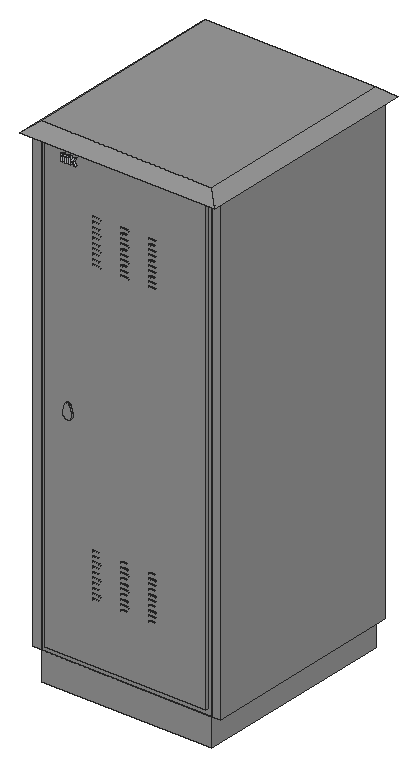
Revit family "Шкаф ITK уличный (напольный)", category Электрооборудование, Revit 2016
Family settings
  Тип детали = Другая панель
  Размер круглого соединителя = Использовать диаметр
  Номер OmniClass = 23.80.30.11.17
  Заголовок OmniClass = Distribution Boards and Control Panels
  На основе рабочей плоскости = Нет
  Всегда вертикально = Да
  При загрузке вырезать с полостями = Нет
  Общий = Нет
  Точка расчета площади = Нет
Parameters
  Ширина УГО = Ширина / 100  # 7.14 mm
  Ширина = 714 mm
  Степень защиты = "IP55"
  Смещение УГО по X [instance] = 1000 mm
  Основание = 120 mm
  Описание = "Серия Outdoor-шкафов ITK для наружной установки отлично подходит для размещения активного и пассивного телекоммуникационного оборудования, электротехнических и измерительных приборов, источников бесперебойного питания и батарей на открытых, удаленных и слабоконтролируемых площадках вне зданий, подверженных неблагоприятным внешним факторам.\r\n\r\nВ таких условиях шкафы LINEA O отлично справляются с задачей поддержания заданного температурного режима, необходимого для установленного оборудования и его корректной работы, а также с защитой от несанкционированного доступа к оборудованию.\r\nАнтивандальная конструкция.\r\nСтатическая нагрузка до 1000 кг.\r\nДоступ к креплению внешних элементов конструкции возможен только изнутри.\r\nПредустановленные вентиляторные блоки для обогрева и охлаждения.\r\nВнутреннее покрытие обеспечивает абсорбцию влажности, создаваемой на внутренней поверхности крыши.\r\nСпециальное внешнее покрытие, устойчивое к жестким климатическим условиям и УФ.\r\nВысокая стойкость к вибрациям и сейсмотолчкам\r\nКорпус шкафа и материал уплотнителя обеспечивают защиту от электромагнитных помех.\r\nСоответствие международным стандартам ISO9001, IEC 61969 и ГОСТ 14254.\r\nРасширенная гарантия до 10 лет."  # constant formula
  Материал = Окраска - RAL 7035
  Type Comments = ""
  Изготовитель = "ITK"  # constant formula
  Засечка УГО = 1.2 mm  # constant formula
  Глубина УГО = Глубина / 100  # 8.57 mm
  Глубина = 857 mm
  Высота = 2103 mm
  Вид установки = "Уличный настенный"
  URL = "http://www.itk-group.ru/produktsiya/catalog/?page=section&id=351"
  ADSK_Ток = ADSK_Номинальная мощность / (ADSK_Коэффициент мощности * ADSK_Напряжение * sqrt(ADSK_Количество фаз числовое))  # 0.00454545 A
  ADSK_Примечание = ""
  ADSK_Полная мощность = ADSK_Номинальная мощность / ADSK_Коэффициент мощности  # 1 VA
  ADSK_Позиция [instance] = ""
  ADSK_Номинальная мощность = 1 W
  ADSK_Напряжение = 220 V
  ADSK_Наименование краткое = "LO35-42U78-MM55"
  ADSK_Наименование = "ITK Шкаф уличный 19\" 42U 720x860, IP55 металл двери, серый"
  ADSK_Масса = 0
  ADSK_Марка = "LO35-42U78-MM55"
  ADSK_Коэффициент мощности = 1
  ADSK_Количество фаз числовое = 1
  ADSK_Количество фаз = 1
  ADSK_Код изделия = ""
  ADSK_Классификация нагрузок = Прочее
  ADSK_Завод-изготовитель = "IEK"
  ADSK_Единица измерения = "шт"
  ADSK_Группирование = "I. ЩИТЫ И ПУЛЬТЫ"
Reference planes
  plane 1 "По центру (Вперед/Назад)": y = 0
  plane 2: z = 0
  plane 3 "По центру (Влево/Вправо)": x = 0
  plane 4: x = -357
  plane 5: x = 357
  plane 6: y = 428.5
  plane 7: y = -428.5
  plane 8: z = 2103
  plane 9 "Смещение УГО по X": x = -1000
Forms (mm)
  Extrusion 1, solid, detail levels coarse+medium
    sketch origin (0, 0, 0) x (1, 0, 0) y (0, 1, 0)
      loop
        line (-357, 428.5) -> (-357, -428.5) -> (357, -428.5) -> (357, 428.5) -> (-357, 428.5)
    from 0 to 2103 <- "Высота"
Lines and regions (mm)
  reference lines
    curve 1: line (0, 255.085, 0) -> (0, -244.915, 0)
Dimensions and locks
  equal spacing: plane 7, plane 1 "По центру (Вперед/Назад)", plane 6
  "Глубина": plane 7 to plane 6
  equal spacing: plane 4, plane 3 "По центру (Влево/Вправо)", plane 5
  "Ширина": plane 4 to plane 5
  "Высота": plane 8 to plane 2
  plane 9 "Смещение УГО по X" to plane 3 "По центру (Влево/Вправо)" = 1000 mm
  "Смещение УГО по X": plane 9 "Смещение УГО по X" to curve 1
  aligned and locked: level to plane 2
  aligned and locked: plane 3 "По центру (Влево/Вправо)" to nested 1
  aligned and locked: plane 1 "По центру (Вперед/Назад)" to nested 1
  aligned and locked: plane 1 "По центру (Вперед/Назад)" to nested 2
  aligned and locked: plane 3 "По центру (Влево/Вправо)" to nested 2
  aligned and locked: plane 1 "По центру (Вперед/Назад)" to nested 3
  aligned and locked: plane 3 "По центру (Влево/Вправо)" to nested 3
  aligned and locked: nested 4 to plane 1 "По центру (Вперед/Назад)"
  aligned and locked: nested 4 to plane 3 "По центру (Влево/Вправо)"
  aligned and locked: nested 5 to curve 1
  aligned and locked: Extrusion 1 sketch curve to plane 4
  aligned and locked: Extrusion 1 sketch curve to plane 6
  aligned and locked: plane 5 to Extrusion 1 sketch curve
  aligned and locked: plane 7 to Extrusion 1 sketch curve
Automatic sketch dimensions
  curve 1 to plane 7 = 183.585 mm
  curve 1 to plane 6 = 173.415 mm
Nested families
  nested 1: "Панель боковая_2шт" at (0, 0, 0), type "Панель боковая_2шт", detail levels fine
    with Ширина 714 mm, Основание 120 mm, Глубина 857 mm, Высота 2103 mm, L1 40 mm, L 35 mm
  nested 2: "Основание_2шт" at (0, 0, 0), type "Основание_2шт", detail levels fine
    with Высота 2103 mm
  nested 3: "Комплект двери" at (0, 0, 0), type "Комплект двери", detail levels fine
    with Ширина 714 mm, Глубина 857 mm, Высота 2103 mm, b 250 mm, a 350 mm
  nested 4: "Панель задняя" at (0, 0, 0) x (-1, 0, 0) z (0, 0, 1), type "Панель задняя", detail levels fine
  nested 5: "УГО (одна дверь)" at (0, 0, 0), type "УГО (одна дверь)", detail levels coarse+medium
    with Ширина УГО 7.14 mm, Глубина УГО 8.57 mm
Connectors
  electrical at (374.5, 428.5, 1091.5), driven by "ADSK_Количество фаз", driven by "ADSK_Классификация нагрузок", driven by "ADSK_Напряжение", driven by "ADSK_Полная мощность", driven by "ADSK_Коэффициент мощности"
    settings: on nested 1, index 1, voltage 220 V, apparent load 0 VA, apparent load phase1 1 VA, apparent load phase2 0 VA, apparent load phase3 0 VA, power factor 1, load classification "Прочее", number of poles 1, system type 31, power factor state 1, is connector primary yes, connector utility no, sub classification motor no, connector description ""
Definition of nested family "Панель боковая_2шт"
  Parameters
    Ширина = 650 mm
    Основание = 1 mm
    Материал = none
    Глубина = 593 mm
    Высота = 676 mm
    L1 = if(Высота > 1000 mm, 40 mm, 2 mm)  # 2 mm
    L = if(Высота > 1000 mm, 35 mm, 2 mm)  # 2 mm
  Reference planes
    plane 1 "По центру (Вперед/Назад)": y = 0
    plane 2: z = 0
    plane 3 "По центру (Влево/Вправо)": x = 0
    plane 4: x = -325
    plane 5: x = 325
    plane 6: y = 296.5
    plane 7: y = -296.5
    plane 8: x = -327
    plane 9: x = 327
    plane 10: z = 674
    plane 11: z = 1
    plane 12: z = 676
  Forms (mm)
    Extrusion 1, solid, material <- "Материал"
      sketch origin (0, 0, 0) x (1, 0, 0) y (0, 1, 0)
        loop
          line (-327, 296.5) -> (-327, -296.5) -> (-325, -296.5) -> (-325, 296.5) -> (-327, 296.5)
        loop
          line (325, 296.5) -> (325, -296.5) -> (327, -296.5) -> (327, 296.5) -> (325, 296.5)
      from 1 to 674
  Dimensions and locks
    equal spacing: plane 7, plane 1 "По центру (Вперед/Назад)", plane 6
    equal spacing: plane 4, plane 3 "По центру (Влево/Вправо)", plane 5
    "Ширина": plane 4 to plane 5
    "Глубина": plane 7 to plane 6
    "L1": plane 12 to plane 10
    "Основание": plane 11 to plane 2
    "Высота": plane 12 to plane 2
    "L": plane 8 to plane 4
    "L": plane 5 to plane 9
    aligned and locked: level to plane 2
    aligned and locked: Extrusion 1 sketch curve to plane 6  (x2)
    aligned and locked: plane 8 to Extrusion 1 sketch curve
    aligned and locked: Extrusion 1 sketch curve to plane 7  (x2)
    aligned and locked: Extrusion 1 sketch curve to plane 4
    aligned and locked: Extrusion 1 sketch curve to plane 5
    aligned and locked: plane 9 to Extrusion 1 sketch curve
    aligned and locked: plane 10 to Extrusion 1
    aligned and locked: Extrusion 1 to plane 11
Definition of nested family "Основание_2шт"
  Parameters
    Ширина = 714 mm
    Основание = 120 mm
    Материал = none
    Крыша0 = not(Крыша1)  # no
    Крыша1 = Высота > 1000 mm  # yes
    Глубина = 857 mm
    Высота = 1303 mm
    L = if(Высота > 1000 mm, 40 mm, 2 mm)  # 40 mm
  Reference planes
    plane 1 "По центру (Вперед/Назад)": y = 0
    plane 2: z = 0
    plane 3 "По центру (Влево/Вправо)": x = 0
    plane 4: x = -357
    plane 5: x = 357
    plane 6: y = 428.5
    plane 7: y = -428.5
    plane 8: y = 388.5
    plane 9: y = -388.5
    plane 10: x = -317
    plane 11: x = 317
    plane 12: z = 120
    plane 13: z = 1303
    plane 14: z = 1263
  Forms (mm)
    Extrusion 1, solid, material <- "Материал"
      sketch origin (0, 0, 0) x (1, 0, 0) y (0, 0, 1)
        loop
          line (-357, 120) -> (-357, 0) -> (357, 0) -> (357, 120) -> (-357, 120)
      from -428.5 to 428.5
    Blend 2, solid, material <- "Материал", visible <- "Крыша1"
      base sketch origin (-1511.359, -1524, 1263) x (-1, 0, 0) y (0, -1, 0)
        loop
          line (-1104.359, -1045.5) -> (-1918.359, -1045.5) -> (-1918.359, -2002.5) -> (-1104.359, -2002.5) -> (-1104.359, -1045.5)
      top sketch origin (-1511.359, -1524, 1263) x (-1, 0, 0) y (0, -1, 0)
        loop
          line (-1154.359, -1952.5) -> (-1154.359, -1095.5) -> (-1868.359, -1095.5) -> (-1868.359, -1952.5) -> (-1154.359, -1952.5)
      from 0 to 40
    Extrusion 3, solid, material <- "Материал", visible <- "Крыша0"
      sketch origin (0, 0, 0) x (1, 0, 0) y (0, 1, 0)
        loop
          line (-357, 428.5) -> (-357, -428.5) -> (357, -428.5) -> (357, 428.5) -> (-357, 428.5)
      from 1263 to 1303
  Dimensions and locks
    equal spacing: plane 7, plane 1 "По центру (Вперед/Назад)", plane 6
    equal spacing: plane 4, plane 3 "По центру (Влево/Вправо)", plane 5
    "Ширина": plane 4 to plane 5
    "Глубина": plane 7 to plane 6
    locked: plane 7 to plane 9 at 40
    locked: plane 6 to plane 8 at 40
    locked: plane 11 to plane 5 at 40
    locked: plane 4 to plane 10 at 40
    "L": plane 13 to plane 14
    "Основание": plane 12 to plane 2
    "Высота": plane 13 to plane 2
    aligned and locked: level to plane 2
    aligned and locked: Extrusion 1 sketch curve to plane 12
    aligned and locked: plane 4 to Extrusion 1 sketch curve
    aligned and locked: plane 5 to Extrusion 1 sketch curve
    aligned and locked: plane 6 to Extrusion 1
    aligned and locked: plane 7 to Extrusion 1
    aligned and locked: Extrusion 1 to level
    aligned and locked: Blend 2 sketch curve to Extrusion 1  (x4)
    aligned and locked: plane 13 to Blend 2
    aligned and locked: Blend 2 to plane 14
    aligned and locked: Extrusion 3 sketch curve to Extrusion 1  (x4)
    aligned and locked: Extrusion 3 to plane 14
    aligned and locked: plane 13 to Extrusion 3
  Automatic sketch dimensions
    Extrusion 1 sketch curve to plane 12 = 120 mm
    plane 6 to Blend 2 sketch curve = 50 mm
    Blend 2 sketch curve to plane 5 = 50 mm
    Blend 2 sketch curve to plane 4 = 50 mm
    plane 7 to Blend 2 sketch curve = 50 mm
Definition of nested family "Комплект двери"
  Parameters
    Ширина = 600 mm
    Основание = 120 mm
    Материал = none
    Глубина = 600 mm
    Высота = 1303 mm
    b = a - 100 mm  # 150 mm
    a = if(Высота < 1500 mm, 250 mm, 350 mm)  # 250 mm
    L = 40 mm
  Reference planes
    plane 1 "По центру (Вперед/Назад)": y = 0
    plane 2: z = 0
    plane 3 "По центру (Влево/Вправо)": x = 0
    plane 4: x = -300
    plane 5: x = 300
    plane 6: y = 300
    plane 7: y = -300
    plane 8: y = 260
    plane 9: y = -260
    plane 10: x = -280
    plane 11: x = 280
    plane 12: z = 1263
    plane 13: z = 140
    plane 14: z = 1243
    plane 15: z = 1303
    plane 16: z = 120
    plane 17: x = -180
    plane 18: z = 1193
    plane 19: y = -310
    plane 20: x = 100
    plane 21: x = -100
    plane 22: z = 651.5
    plane 23: z = 940
    plane 24: z = 943
    plane 25: z = 290
    plane 26: y = -315
  Forms (mm)
    Extrusion 1, solid, material <- "Материал"
      sketch origin (0, 0, 0) x (1, 0, 0) y (0, 1, 0)
        loop
          line (-280, -310) -> (280, -310) -> (280, -300) -> (-280, -300) -> (-280, -310)
      from 140 to 1243
    Extrusion 2, solid, material <- "Материал"
      sketch origin (0, 0, 0) x (1, 0, 0) y (0, 1, 0)
        loop
          line (-300, -260) -> (-300, -300) -> (300, -300) -> (300, -260) -> (-300, -260)
      from 120 to 1263
    Extrusion 3, void
      sketch origin (0, 0, 0) x (1, 0, 0) y (0, 0, 1)
        loop
          line (-108, 1123) -> (-100.254, 1123)
          arc (-100.254, 1123) -> (-102.517, 1128.472) -> (-107.985, 1130.747) r 7.747
          line (-107.985, 1130.747) -> (-127.994, 1130.747)
          arc (-127.994, 1130.747) -> (-133.473, 1128.478) -> (-135.742, 1123) r 7.748
          line (-135.742, 1123) -> (-128, 1123) -> (-108, 1123)
        loop
          line (-108, 1103) -> (-100.254, 1103)
          arc (-100.254, 1103) -> (-102.523, 1108.477) -> (-108, 1110.746) r 7.746
          line (-108, 1110.746) -> (-128, 1110.746)
          arc (-128, 1110.746) -> (-133.477, 1108.477) -> (-135.746, 1103) r 7.746
          line (-135.746, 1103) -> (-128, 1103) -> (-108, 1103)
        loop
          line (-108, 1083) -> (-100.254, 1083)
          arc (-100.254, 1083) -> (-102.519, 1088.474) -> (-107.99, 1090.746) r 7.746
          line (-107.99, 1090.746) -> (-127.996, 1090.746)
          arc (-127.996, 1090.746) -> (-133.474, 1088.477) -> (-135.744, 1083) r 7.747
          line (-135.744, 1083) -> (-128, 1083) -> (-108, 1083)
        loop
          line (-108, 1063) -> (-100.254, 1063)
          arc (-100.254, 1063) -> (-102.523, 1068.477) -> (-108, 1070.746) r 7.746
          line (-108, 1070.746) -> (-128, 1070.746)
          arc (-128, 1070.746) -> (-133.477, 1068.477) -> (-135.746, 1063) r 7.746
          line (-135.746, 1063) -> (-128, 1063) -> (-108, 1063)
        loop
          line (-108, 1043) -> (-100.254, 1043)
          arc (-100.254, 1043) -> (-102.523, 1048.477) -> (-108, 1050.746) r 7.746
          line (-108, 1050.746) -> (-128, 1050.746)
          arc (-128, 1050.746) -> (-133.477, 1048.477) -> (-135.746, 1043) r 7.746
          line (-135.746, 1043) -> (-128, 1043) -> (-108, 1043)
        loop
          line (-108, 1023) -> (-100.254, 1023)
          arc (-100.254, 1023) -> (-102.518, 1028.473) -> (-107.989, 1030.747) r 7.746
          line (-107.989, 1030.747) -> (-127.996, 1030.747)
          arc (-127.996, 1030.747) -> (-133.474, 1028.478) -> (-135.743, 1023) r 7.747
          line (-135.743, 1023) -> (-128, 1023) -> (-108, 1023)
        loop
          line (-108, 1003) -> (-100.254, 1003)
          arc (-100.254, 1003) -> (-102.523, 1008.477) -> (-108, 1010.746) r 7.746
          line (-108, 1010.746) -> (-128, 1010.746)
          arc (-128, 1010.746) -> (-133.477, 1008.477) -> (-135.746, 1003) r 7.746
          line (-135.746, 1003) -> (-128, 1003) -> (-108, 1003)
        loop
          line (-108, 983) -> (-100.254, 983)
          arc (-100.254, 983) -> (-102.523, 988.477) -> (-108, 990.746) r 7.746
          line (-108, 990.746) -> (-128, 990.746)
          arc (-128, 990.746) -> (-133.477, 988.477) -> (-135.746, 983) r 7.746
          line (-135.746, 983) -> (-128, 983) -> (-108, 983)
        loop
          line (-108, 963) -> (-100.254, 963)
          arc (-100.254, 963) -> (-102.523, 968.477) -> (-108, 970.746) r 7.746
          line (-108, 970.746) -> (-128, 970.746)
          arc (-128, 970.746) -> (-133.477, 968.477) -> (-135.746, 963) r 7.746
          line (-135.746, 963) -> (-128, 963) -> (-108, 963)
        loop
          line (-108.004, 950.746) -> (-127.99, 950.746)
          arc (-127.99, 950.746) -> (-133.474, 948.481) -> (-135.746, 943) r 7.746
          line (-135.746, 943) -> (-128, 943) -> (-108, 943) -> (-100.257, 943)
          arc (-100.257, 943) -> (-102.526, 948.477) -> (-108.004, 950.746) r 7.747
        loop
          arc (17.748, 943) -> (15.48, 948.477) -> (10.004, 950.745) r 7.745
          line (10.004, 950.745) -> (-9.99, 950.745)
          arc (-9.99, 950.745) -> (-15.473, 948.48) -> (-17.746, 943) r 7.746
          line (-17.746, 943) -> (-10, 943) -> (10, 943) -> (17.748, 943)
        loop
          arc (17.746, 963) -> (15.477, 968.477) -> (10, 970.746) r 7.746
          line (10, 970.746) -> (-10, 970.746)
          arc (-10, 970.746) -> (-15.477, 968.477) -> (-17.746, 963) r 7.746
          line (-17.746, 963) -> (-10, 963) -> (10, 963) -> (17.746, 963)
        loop
          arc (17.75, 1123) -> (15.482, 1128.476) -> (10.006, 1130.745) r 7.744
          line (10.006, 1130.745) -> (-9.985, 1130.745)
          arc (-9.985, 1130.745) -> (-15.472, 1128.482) -> (-17.746, 1123) r 7.745
          line (-17.746, 1123) -> (-10, 1123) -> (10, 1123) -> (17.75, 1123)
        loop
          arc (17.746, 1103) -> (15.477, 1108.477) -> (10, 1110.746) r 7.746
          line (10, 1110.746) -> (-10, 1110.746)
          arc (-10, 1110.746) -> (-15.477, 1108.477) -> (-17.746, 1103) r 7.746
          line (-17.746, 1103) -> (-10, 1103) -> (10, 1103) -> (17.746, 1103)
        loop
          arc (17.748, 1083) -> (15.48, 1088.477) -> (10.004, 1090.745) r 7.745
          line (10.004, 1090.745) -> (-9.99, 1090.745)
          arc (-9.99, 1090.745) -> (-15.474, 1088.48) -> (-17.746, 1083) r 7.746
          line (-17.746, 1083) -> (-10, 1083) -> (10, 1083) -> (17.748, 1083)
        loop
          arc (17.746, 1063) -> (15.477, 1068.477) -> (10, 1070.746) r 7.746
          line (10, 1070.746) -> (-10, 1070.746)
          arc (-10, 1070.746) -> (-15.477, 1068.477) -> (-17.746, 1063) r 7.746
          line (-17.746, 1063) -> (-10, 1063) -> (10, 1063) -> (17.746, 1063)
        loop
          arc (17.746, 1043) -> (15.477, 1048.477) -> (10, 1050.746) r 7.746
          line (10, 1050.746) -> (-10, 1050.746)
          arc (-10, 1050.746) -> (-15.477, 1048.477) -> (-17.746, 1043) r 7.746
          line (-17.746, 1043) -> (-10, 1043) -> (10, 1043) -> (17.746, 1043)
        loop
          arc (17.743, 1023) -> (15.474, 1028.478) -> (9.996, 1030.747) r 7.747
          line (9.996, 1030.747) -> (-9.989, 1030.747)
          arc (-9.989, 1030.747) -> (-15.474, 1028.481) -> (-17.746, 1023) r 7.746
          line (-17.746, 1023) -> (-10, 1023) -> (10, 1023) -> (17.743, 1023)
        loop
          line (-10, 1003) -> (10, 1003) -> (17.746, 1003)
          arc (17.746, 1003) -> (15.477, 1008.477) -> (10, 1010.746) r 7.746
          line (10, 1010.746) -> (-10, 1010.746)
          arc (-10, 1010.746) -> (-15.477, 1008.477) -> (-17.746, 1003) r 7.746
          line (-17.746, 1003) -> (-10, 1003)
        loop
          line (-10, 983) -> (10, 983) -> (17.746, 983)
          arc (17.746, 983) -> (15.477, 988.477) -> (10, 990.746) r 7.746
          line (10, 990.746) -> (-10, 990.746)
          arc (-10, 990.746) -> (-15.477, 988.477) -> (-17.746, 983) r 7.746
          line (-17.746, 983) -> (-10, 983)
        loop
          arc (135.748, 943) -> (133.48, 948.477) -> (128.004, 950.745) r 7.745
          line (128.004, 950.745) -> (108.01, 950.745)
          arc (108.01, 950.745) -> (102.527, 948.48) -> (100.254, 943) r 7.746
          line (100.254, 943) -> (108, 943) -> (128, 943) -> (135.748, 943)
        loop
          arc (135.746, 963) -> (133.477, 968.477) -> (128, 970.746) r 7.746
          line (128, 970.746) -> (108, 970.746)
          arc (108, 970.746) -> (102.523, 968.477) -> (100.254, 963) r 7.746
          line (100.254, 963) -> (108, 963) -> (128, 963) -> (135.746, 963)
        loop
          arc (135.746, 983) -> (133.477, 988.477) -> (128, 990.746) r 7.746
          line (128, 990.746) -> (108, 990.746)
          arc (108, 990.746) -> (102.523, 988.477) -> (100.254, 983) r 7.746
          line (100.254, 983) -> (108, 983) -> (128, 983) -> (135.746, 983)
        loop
          arc (135.746, 1003) -> (133.477, 1008.477) -> (128, 1010.746) r 7.746
          line (128, 1010.746) -> (108, 1010.746)
          arc (108, 1010.746) -> (102.523, 1008.477) -> (100.254, 1003) r 7.746
          line (100.254, 1003) -> (108, 1003) -> (128, 1003) -> (135.746, 1003)
        loop
          arc (135.749, 1023) -> (133.481, 1028.477) -> (128.004, 1030.745) r 7.745
          line (128.004, 1030.745) -> (108.011, 1030.745)
          arc (108.011, 1030.745) -> (102.527, 1028.481) -> (100.254, 1023) r 7.746
          line (100.254, 1023) -> (108, 1023) -> (128, 1023) -> (135.749, 1023)
        loop
          arc (135.746, 1043) -> (133.477, 1048.477) -> (128, 1050.746) r 7.746
          line (128, 1050.746) -> (108, 1050.746)
          arc (108, 1050.746) -> (102.523, 1048.477) -> (100.254, 1043) r 7.746
          line (100.254, 1043) -> (108, 1043) -> (128, 1043) -> (135.746, 1043)
        loop
          arc (135.746, 1063) -> (133.477, 1068.477) -> (128, 1070.746) r 7.746
          line (128, 1070.746) -> (108, 1070.746)
          arc (108, 1070.746) -> (102.523, 1068.477) -> (100.254, 1063) r 7.746
          line (100.254, 1063) -> (108, 1063) -> (128, 1063) -> (135.746, 1063)
        loop
          arc (135.748, 1083) -> (133.48, 1088.477) -> (128.004, 1090.745) r 7.745
          line (128.004, 1090.745) -> (108.01, 1090.745)
          arc (108.01, 1090.745) -> (102.526, 1088.48) -> (100.254, 1083) r 7.746
          line (100.254, 1083) -> (108, 1083) -> (128, 1083) -> (135.748, 1083)
        loop
          arc (135.746, 1103) -> (133.477, 1108.477) -> (128, 1110.746) r 7.746
          line (128, 1110.746) -> (108, 1110.746)
          arc (108, 1110.746) -> (102.523, 1108.477) -> (100.254, 1103) r 7.746
          line (100.254, 1103) -> (108, 1103) -> (128, 1103) -> (135.746, 1103)
        loop
          arc (135.75, 1123) -> (133.482, 1128.476) -> (128.006, 1130.745) r 7.744
          line (128.006, 1130.745) -> (108.015, 1130.745)
          arc (108.015, 1130.745) -> (102.528, 1128.482) -> (100.254, 1123) r 7.745
          line (100.254, 1123) -> (108, 1123) -> (128, 1123) -> (135.75, 1123)
      from 300 to 310
    Extrusion 4, void
      sketch origin (0, 0, -865) x (1, 0, 0) y (0, 0, 1)
        loop
          line (-108, 1335) -> (-100.254, 1335)
          arc (-100.254, 1335) -> (-102.517, 1340.472) -> (-107.985, 1342.747) r 7.747
          line (-107.985, 1342.747) -> (-127.994, 1342.747)
          arc (-127.994, 1342.747) -> (-133.473, 1340.478) -> (-135.742, 1335) r 7.748
          line (-135.742, 1335) -> (-128, 1335) -> (-108, 1335)
        loop
          line (-108, 1315) -> (-100.254, 1315)
          arc (-100.254, 1315) -> (-102.523, 1320.477) -> (-108, 1322.746) r 7.746
          line (-108, 1322.746) -> (-128, 1322.746)
          arc (-128, 1322.746) -> (-133.477, 1320.477) -> (-135.746, 1315) r 7.746
          line (-135.746, 1315) -> (-128, 1315) -> (-108, 1315)
        loop
          line (-108, 1295) -> (-100.254, 1295)
          arc (-100.254, 1295) -> (-102.519, 1300.474) -> (-107.99, 1302.746) r 7.746
          line (-107.99, 1302.746) -> (-127.996, 1302.746)
          arc (-127.996, 1302.746) -> (-133.474, 1300.477) -> (-135.744, 1295) r 7.747
          line (-135.744, 1295) -> (-128, 1295) -> (-108, 1295)
        loop
          line (-108, 1275) -> (-100.254, 1275)
          arc (-100.254, 1275) -> (-102.523, 1280.477) -> (-108, 1282.746) r 7.746
          line (-108, 1282.746) -> (-128, 1282.746)
          arc (-128, 1282.746) -> (-133.477, 1280.477) -> (-135.746, 1275) r 7.746
          line (-135.746, 1275) -> (-128, 1275) -> (-108, 1275)
        loop
          line (-108, 1255) -> (-100.254, 1255)
          arc (-100.254, 1255) -> (-102.523, 1260.477) -> (-108, 1262.746) r 7.746
          line (-108, 1262.746) -> (-128, 1262.746)
          arc (-128, 1262.746) -> (-133.477, 1260.477) -> (-135.746, 1255) r 7.746
          line (-135.746, 1255) -> (-128, 1255) -> (-108, 1255)
        loop
          line (-108, 1235) -> (-100.254, 1235)
          arc (-100.254, 1235) -> (-102.518, 1240.473) -> (-107.989, 1242.747) r 7.746
          line (-107.989, 1242.747) -> (-127.996, 1242.747)
          arc (-127.996, 1242.747) -> (-133.474, 1240.478) -> (-135.743, 1235) r 7.747
          line (-135.743, 1235) -> (-128, 1235) -> (-108, 1235)
        loop
          line (-108, 1215) -> (-100.254, 1215)
          arc (-100.254, 1215) -> (-102.523, 1220.477) -> (-108, 1222.746) r 7.746
          line (-108, 1222.746) -> (-128, 1222.746)
          arc (-128, 1222.746) -> (-133.477, 1220.477) -> (-135.746, 1215) r 7.746
          line (-135.746, 1215) -> (-128, 1215) -> (-108, 1215)
        loop
          line (-108, 1195) -> (-100.254, 1195)
          arc (-100.254, 1195) -> (-102.523, 1200.477) -> (-108, 1202.746) r 7.746
          line (-108, 1202.746) -> (-128, 1202.746)
          arc (-128, 1202.746) -> (-133.477, 1200.477) -> (-135.746, 1195) r 7.746
          line (-135.746, 1195) -> (-128, 1195) -> (-108, 1195)
        loop
          line (-108, 1175) -> (-100.254, 1175)
          arc (-100.254, 1175) -> (-102.523, 1180.477) -> (-108, 1182.746) r 7.746
          line (-108, 1182.746) -> (-128, 1182.746)
          arc (-128, 1182.746) -> (-133.477, 1180.477) -> (-135.746, 1175) r 7.746
          line (-135.746, 1175) -> (-128, 1175) -> (-108, 1175)
        loop
          line (-108.004, 1162.746) -> (-127.99, 1162.746)
          arc (-127.99, 1162.746) -> (-133.474, 1160.481) -> (-135.746, 1155) r 7.746
          line (-135.746, 1155) -> (-128, 1155) -> (-108, 1155) -> (-100.257, 1155)
          arc (-100.257, 1155) -> (-102.526, 1160.477) -> (-108.004, 1162.746) r 7.747
        loop
          arc (17.748, 1155) -> (15.48, 1160.477) -> (10.004, 1162.745) r 7.745
          line (10.004, 1162.745) -> (-9.99, 1162.745)
          arc (-9.99, 1162.745) -> (-15.473, 1160.48) -> (-17.746, 1155) r 7.746
          line (-17.746, 1155) -> (-10, 1155) -> (10, 1155) -> (17.748, 1155)
        loop
          arc (17.746, 1175) -> (15.477, 1180.477) -> (10, 1182.746) r 7.746
          line (10, 1182.746) -> (-10, 1182.746)
          arc (-10, 1182.746) -> (-15.477, 1180.477) -> (-17.746, 1175) r 7.746
          line (-17.746, 1175) -> (-10, 1175) -> (10, 1175) -> (17.746, 1175)
        loop
          arc (17.75, 1335) -> (15.482, 1340.476) -> (10.006, 1342.745) r 7.744
          line (10.006, 1342.745) -> (-9.985, 1342.745)
          arc (-9.985, 1342.745) -> (-15.472, 1340.482) -> (-17.746, 1335) r 7.745
          line (-17.746, 1335) -> (-10, 1335) -> (10, 1335) -> (17.75, 1335)
        loop
          arc (17.746, 1315) -> (15.477, 1320.477) -> (10, 1322.746) r 7.746
          line (10, 1322.746) -> (-10, 1322.746)
          arc (-10, 1322.746) -> (-15.477, 1320.477) -> (-17.746, 1315) r 7.746
          line (-17.746, 1315) -> (-10, 1315) -> (10, 1315) -> (17.746, 1315)
        loop
          arc (17.748, 1295) -> (15.48, 1300.477) -> (10.004, 1302.745) r 7.745
          line (10.004, 1302.745) -> (-9.99, 1302.745)
          arc (-9.99, 1302.745) -> (-15.474, 1300.48) -> (-17.746, 1295) r 7.746
          line (-17.746, 1295) -> (-10, 1295) -> (10, 1295) -> (17.748, 1295)
        loop
          arc (17.746, 1275) -> (15.477, 1280.477) -> (10, 1282.746) r 7.746
          line (10, 1282.746) -> (-10, 1282.746)
          arc (-10, 1282.746) -> (-15.477, 1280.477) -> (-17.746, 1275) r 7.746
          line (-17.746, 1275) -> (-10, 1275) -> (10, 1275) -> (17.746, 1275)
        loop
          arc (17.746, 1255) -> (15.477, 1260.477) -> (10, 1262.746) r 7.746
          line (10, 1262.746) -> (-10, 1262.746)
          arc (-10, 1262.746) -> (-15.477, 1260.477) -> (-17.746, 1255) r 7.746
          line (-17.746, 1255) -> (-10, 1255) -> (10, 1255) -> (17.746, 1255)
        loop
          arc (17.743, 1235) -> (15.474, 1240.478) -> (9.996, 1242.747) r 7.747
          line (9.996, 1242.747) -> (-9.989, 1242.747)
          arc (-9.989, 1242.747) -> (-15.474, 1240.481) -> (-17.746, 1235) r 7.746
          line (-17.746, 1235) -> (-10, 1235) -> (10, 1235) -> (17.743, 1235)
        loop
          line (-10, 1215) -> (10, 1215) -> (17.746, 1215)
          arc (17.746, 1215) -> (15.477, 1220.477) -> (10, 1222.746) r 7.746
          line (10, 1222.746) -> (-10, 1222.746)
          arc (-10, 1222.746) -> (-15.477, 1220.477) -> (-17.746, 1215) r 7.746
          line (-17.746, 1215) -> (-10, 1215)
        loop
          line (-10, 1195) -> (10, 1195) -> (17.746, 1195)
          arc (17.746, 1195) -> (15.477, 1200.477) -> (10, 1202.746) r 7.746
          line (10, 1202.746) -> (-10, 1202.746)
          arc (-10, 1202.746) -> (-15.477, 1200.477) -> (-17.746, 1195) r 7.746
          line (-17.746, 1195) -> (-10, 1195)
        loop
          arc (135.748, 1155) -> (133.48, 1160.477) -> (128.004, 1162.745) r 7.745
          line (128.004, 1162.745) -> (108.01, 1162.745)
          arc (108.01, 1162.745) -> (102.527, 1160.48) -> (100.254, 1155) r 7.746
          line (100.254, 1155) -> (108, 1155) -> (128, 1155) -> (135.748, 1155)
        loop
          arc (135.746, 1175) -> (133.477, 1180.477) -> (128, 1182.746) r 7.746
          line (128, 1182.746) -> (108, 1182.746)
          arc (108, 1182.746) -> (102.523, 1180.477) -> (100.254, 1175) r 7.746
          line (100.254, 1175) -> (108, 1175) -> (128, 1175) -> (135.746, 1175)
        loop
          arc (135.746, 1195) -> (133.477, 1200.477) -> (128, 1202.746) r 7.746
          line (128, 1202.746) -> (108, 1202.746)
          arc (108, 1202.746) -> (102.523, 1200.477) -> (100.254, 1195) r 7.746
          line (100.254, 1195) -> (108, 1195) -> (128, 1195) -> (135.746, 1195)
        loop
          arc (135.746, 1215) -> (133.477, 1220.477) -> (128, 1222.746) r 7.746
          line (128, 1222.746) -> (108, 1222.746)
          arc (108, 1222.746) -> (102.523, 1220.477) -> (100.254, 1215) r 7.746
          line (100.254, 1215) -> (108, 1215) -> (128, 1215) -> (135.746, 1215)
        loop
          arc (135.749, 1235) -> (133.481, 1240.477) -> (128.004, 1242.745) r 7.745
          line (128.004, 1242.745) -> (108.011, 1242.745)
          arc (108.011, 1242.745) -> (102.527, 1240.481) -> (100.254, 1235) r 7.746
          line (100.254, 1235) -> (108, 1235) -> (128, 1235) -> (135.749, 1235)
        loop
          arc (135.746, 1255) -> (133.477, 1260.477) -> (128, 1262.746) r 7.746
          line (128, 1262.746) -> (108, 1262.746)
          arc (108, 1262.746) -> (102.523, 1260.477) -> (100.254, 1255) r 7.746
          line (100.254, 1255) -> (108, 1255) -> (128, 1255) -> (135.746, 1255)
        loop
          arc (135.746, 1275) -> (133.477, 1280.477) -> (128, 1282.746) r 7.746
          line (128, 1282.746) -> (108, 1282.746)
          arc (108, 1282.746) -> (102.523, 1280.477) -> (100.254, 1275) r 7.746
          line (100.254, 1275) -> (108, 1275) -> (128, 1275) -> (135.746, 1275)
        loop
          arc (135.748, 1295) -> (133.48, 1300.477) -> (128.004, 1302.745) r 7.745
          line (128.004, 1302.745) -> (108.01, 1302.745)
          arc (108.01, 1302.745) -> (102.526, 1300.48) -> (100.254, 1295) r 7.746
          line (100.254, 1295) -> (108, 1295) -> (128, 1295) -> (135.748, 1295)
        loop
          arc (135.746, 1315) -> (133.477, 1320.477) -> (128, 1322.746) r 7.746
          line (128, 1322.746) -> (108, 1322.746)
          arc (108, 1322.746) -> (102.523, 1320.477) -> (100.254, 1315) r 7.746
          line (100.254, 1315) -> (108, 1315) -> (128, 1315) -> (135.746, 1315)
        loop
          arc (135.75, 1335) -> (133.482, 1340.476) -> (128.006, 1342.745) r 7.744
          line (128.006, 1342.745) -> (108.015, 1342.745)
          arc (108.015, 1342.745) -> (102.528, 1340.482) -> (100.254, 1335) r 7.745
          line (100.254, 1335) -> (108, 1335) -> (128, 1335) -> (135.75, 1335)
      from 300 to 310
    Extrusion 5, solid, material <- "Материал"
      sketch origin (0, 0, 0) x (1, 0, 0) y (0, 0, 1)
        loop
          line (-162.71, 661.553) -> (-170.434, 686.913)
          arc (-170.434, 686.913) -> (-179.915, 694) -> (-189.515, 687.076) r 10
          line (-189.515, 687.076) -> (-198.919, 657.986)
          arc (-198.919, 657.986) -> (-178.04, 631.596) -> (-162.71, 661.553) r 20
      from 310 to 315
  Cuts and joins
    Extrusion 3, Extrusion 4 cuts Extrusion 1
    joined: Extrusion 1, Extrusion 5
    Extrusion 4 cuts Extrusion 2
  Dimensions and locks
    equal spacing: plane 7, plane 1 "По центру (Вперед/Назад)", plane 6
    equal spacing: plane 4, plane 3 "По центру (Влево/Вправо)", plane 5
    "Ширина": plane 4 to plane 5
    "Глубина": plane 7 to plane 6
    "L": plane 7 to plane 9
    "L": plane 6 to plane 8
    locked: plane 11 to plane 5 at 20
    locked: plane 4 to plane 10 at 20
    locked: plane 12 to plane 14 at 20
    "L": plane 15 to plane 12
    locked: plane 13 to plane 16 at 20
    locked: plane 17 to plane 4 at 120
    locked: plane 14 to plane 18 at 50
    "Основание": plane 16 to plane 2
    "Высота": plane 15 to plane 2
    locked: plane 19 to plane 7 at 10
    equal spacing: plane 21, plane 3 "По центру (Влево/Вправо)", plane 20
    locked: plane 21 to plane 20 at 200
    "a": plane 18 to plane 24
    "b": plane 25 to plane 13
    equal spacing: plane 15, plane 22, plane 2
    locked: plane 19 to plane 26 at 5
    aligned and locked: level to plane 2
    aligned and locked: plane 14 to Extrusion 1
    aligned and locked: nested 1 to plane 18
    aligned and locked: plane 17 to nested 1
    aligned and locked: Extrusion 1 to plane 13
    aligned and locked: Extrusion 1 sketch curve to plane 11
    aligned and locked: plane 19 to Extrusion 1 sketch curve
    aligned and locked: plane 7 to Extrusion 1 sketch curve
    aligned and locked: plane 9 to Extrusion 2 sketch curve
    aligned and locked: plane 4 to Extrusion 2 sketch curve
    aligned and locked: Extrusion 2 sketch curve to plane 7
    aligned and locked: plane 5 to Extrusion 2 sketch curve
    aligned and locked: plane 12 to Extrusion 2
    aligned and locked: Extrusion 2 to plane 16
    aligned and locked: Extrusion 3 to plane 7
    aligned and locked: Extrusion 1 to Extrusion 3
    aligned and locked: plane 24 to cut or joined group of Extrusion 1, Extrusion 3, Extrusion 4, Extrusion 5
    aligned and locked: plane 25 to cut or joined group of Extrusion 1, Extrusion 3, Extrusion 4, Extrusion 5
    aligned and locked: Extrusion 4 to plane 7
    aligned and locked: plane 19 to Extrusion 4
    aligned and locked: plane 26 to Extrusion 5
    aligned and locked: cut or joined group of Extrusion 1, Extrusion 3, Extrusion 4, Extrusion 5 to plane 19
  Automatic sketch dimensions
    Extrusion 1 sketch curve to plane 10 = 0 mm
    plane 21 to Extrusion 3 sketch curve = 35.746 mm  (x4)
    Extrusion 3 sketch curve to Extrusion 3 sketch curve = 0 mm  (x96)
    Extrusion 3 sketch curve to Extrusion 3 sketch curve = 0.002 mm
    Extrusion 3 sketch curve to Extrusion 3 sketch curve = 0.003 mm
    Extrusion 3 sketch curve to Extrusion 3 sketch curve = 0.004 mm  (x10)
    Extrusion 3 sketch curve to Extrusion 3 sketch curve = 7.746 mm  (x37)
    Extrusion 3 sketch curve to Extrusion 3 sketch curve = 7.743 mm  (x2)
    Extrusion 3 sketch curve to Extrusion 3 sketch curve = 7.744 mm  (x3)
    Extrusion 3 sketch curve to Extrusion 3 sketch curve = 7.742 mm
    Extrusion 3 sketch curve to Extrusion 3 sketch curve = 0.006 mm  (x3)
    Extrusion 3 sketch curve to Extrusion 3 sketch curve = 0.01 mm  (x6)
    plane 21 to Extrusion 3 sketch curve = 8.004 mm
    plane 21 to Extrusion 3 sketch curve = 8 mm  (x9)
    Extrusion 3 sketch curve to Extrusion 3 sketch curve = 0.011 mm  (x3)
    Extrusion 3 sketch curve to Extrusion 3 sketch curve = 0.015 mm  (x3)
    plane 21 to Extrusion 3 sketch curve = 0.257 mm
    plane 21 to Extrusion 3 sketch curve = 0.254 mm  (x9)
    Extrusion 3 sketch curve to plane 3 "По центру (Влево/Вправо)" = 17.746 mm  (x10)
    Extrusion 3 sketch curve to Extrusion 3 sketch curve = 7.745 mm  (x7)
    plane 3 "По центру (Влево/Вправо)" to Extrusion 3 sketch curve = 9.996 mm
    plane 3 "По центру (Влево/Вправо)" to Extrusion 3 sketch curve = 10 mm  (x9)
    plane 20 to Extrusion 3 sketch curve = 0.254 mm  (x10)
    Extrusion 3 sketch curve to Extrusion 3 sketch curve = 20 mm  (x4)
    Extrusion 3 sketch curve to Extrusion 3 sketch curve = 12.253 mm  (x8)
    Extrusion 3 sketch curve to Extrusion 3 sketch curve = 12.255 mm  (x5)
    Extrusion 3 sketch curve to Extrusion 3 sketch curve = 12.254 mm  (x20)
    Extrusion 3 sketch curve to Extrusion 3 sketch curve = 0.001 mm  (x2)
    plane 21 to Extrusion 4 sketch curve = 35.746 mm  (x4)
    Extrusion 4 sketch curve to Extrusion 4 sketch curve = 0 mm  (x80)
    Extrusion 4 sketch curve to Extrusion 4 sketch curve = 0.002 mm
    Extrusion 4 sketch curve to Extrusion 4 sketch curve = 0.003 mm
    Extrusion 4 sketch curve to Extrusion 4 sketch curve = 0.004 mm  (x10)
    Extrusion 4 sketch curve to Extrusion 4 sketch curve = 7.746 mm  (x31)
    Extrusion 4 sketch curve to Extrusion 4 sketch curve = 7.743 mm  (x2)
    Extrusion 4 sketch curve to Extrusion 4 sketch curve = 7.744 mm  (x3)
    Extrusion 4 sketch curve to Extrusion 4 sketch curve = 7.742 mm
    Extrusion 4 sketch curve to Extrusion 4 sketch curve = 0.006 mm  (x3)
    Extrusion 4 sketch curve to Extrusion 4 sketch curve = 0.01 mm  (x6)
    plane 21 to Extrusion 4 sketch curve = 8.004 mm
    plane 21 to Extrusion 4 sketch curve = 8 mm  (x9)
    Extrusion 4 sketch curve to Extrusion 4 sketch curve = 0.011 mm  (x3)
    Extrusion 4 sketch curve to Extrusion 4 sketch curve = 0.015 mm  (x3)
    plane 21 to Extrusion 4 sketch curve = 0.257 mm
    plane 21 to Extrusion 4 sketch curve = 0.254 mm  (x9)
    Extrusion 4 sketch curve to plane 3 "По центру (Влево/Вправо)" = 17.746 mm  (x10)
    Extrusion 4 sketch curve to Extrusion 4 sketch curve = 7.745 mm  (x7)
    Extrusion 4 sketch curve to plane 3 "По центру (Влево/Вправо)" = 10 mm  (x2)
    plane 3 "По центру (Влево/Вправо)" to Extrusion 4 sketch curve = 9.996 mm
    plane 3 "По центру (Влево/Вправо)" to Extrusion 4 sketch curve = 10 mm  (x9)
    plane 20 to Extrusion 4 sketch curve = 0.254 mm  (x10)
    plane 20 to Extrusion 4 sketch curve = 8 mm  (x4)
    Extrusion 4 sketch curve to Extrusion 4 sketch curve = 20 mm  (x5)
    plane 13 to Extrusion 4 sketch curve = 149.999 mm
    Extrusion 4 sketch curve to Extrusion 4 sketch curve = 0.001 mm  (x2)
    Extrusion 4 sketch curve to Extrusion 4 sketch curve = 12.253 mm  (x8)
    Extrusion 4 sketch curve to Extrusion 4 sketch curve = 12.255 mm  (x5)
    Extrusion 4 sketch curve to Extrusion 4 sketch curve = 12.254 mm  (x20)
    plane 22 to Extrusion 3 sketch curve = 291.499 mm
    Extrusion 5 sketch curve to plane 17 = 0 mm  (x2)
    Extrusion 5 sketch curve to plane 22 = 0 mm
    plane 22 to Extrusion 5 sketch curve = 6.486 mm
    Extrusion 5 sketch curve to plane 17 = 18.919 mm
    plane 17 to Extrusion 5 sketch curve = 9.566 mm
    plane 22 to Extrusion 5 sketch curve = 10.053 mm
    Extrusion 5 sketch curve to Extrusion 5 sketch curve = 22.447 mm
    Extrusion 5 sketch curve to Extrusion 5 sketch curve = 2.913 mm
    Extrusion 5 sketch curve to plane 17 = 9.515 mm
  Nested families
    nested 1: "Логотип" at (-180, -310, 1193) x (1, 0, 0) z (0, -1, 0), type "Логотип"
  Definition of nested family "Логотип"
    Parameters
      Default Elevation = 1219.2 mm
      Материал = none
    Reference planes
      plane 1 "По центру (Вперед/Назад)": y = 0
      plane 2: z = 0
      plane 3 "По центру (Влево/Вправо)": x = 0
    Forms (mm)
      Extrusion 1, solid
        sketch origin (0, 0, 0) x (1, 0, 0) y (0, 1, 0)
          loop
            line (-1219.2, 1219.2) -> (-1219.2, -1219.2) -> (1219.2, -1219.2) -> (1219.2, 1219.2) -> (-1219.2, 1219.2)
        from 0 to -304.8
      Extrusion 2, solid, material <- "Материал"
        sketch origin (0, 0, 0) x (1, 0, 0) y (0, 1, 0)
          loop
            line (-24.198, 18.809) -> (-24.198, 0) -> (-15.975, 0) -> (-15.975, 18.809) -> (-24.198, 18.809)
          loop
            line (0.039, 18.809) -> (-7.705, 18.809) -> (-7.705, 0) -> (0.039, 0) -> (0.039, 18.809)
          loop
            line (-24.198, 21.431) -> (-15.975, 21.431) -> (-15.975, 29.41) -> (-24.198, 29.41) -> (-24.198, 21.431)
          loop
            line (8.482, 29.41) -> (8.482, 0) -> (16.233, 0) -> (16.233, 11.027) -> (19.197, 11.027) -> (26.358, 0) -> (35.802, 0) -> (25.102, 14.728) -> (35.802, 29.41) -> (26.358, 29.41) -> (19.197, 18.383) -> (16.233, 18.383) -> (16.233, 29.41) -> (8.482, 29.41)
          loop
            line (-13.581, 29.41) -> (-13.581, 21.431) -> (5.915, 21.431) -> (5.915, 29.41) -> (-13.581, 29.41)
        from 0 to 7
    Dimensions and locks
      aligned and locked: plane 2 to Extrusion 1
      aligned and locked: level to Extrusion 1
Definition of nested family "Панель задняя"
  Parameters
    Ширина = 714 mm
    Основание = 120 mm
    Материал = none
    Глубина = 857 mm
    Высота = 2103 mm
    b = a - 100 mm  # 250 mm
    a = if(Высота < 1500 mm, 250 mm, 350 mm)  # 350 mm
    L = 40 mm
  Reference planes
    plane 1 "По центру (Вперед/Назад)": y = 0
    plane 2: z = 0
    plane 3 "По центру (Влево/Вправо)": x = 0
    plane 4: x = -357
    plane 5: x = 357
    plane 6: y = 428.5
    plane 7: y = -428.5
    plane 8: y = 388.5
    plane 9: y = -388.5
    plane 10: x = -337
    plane 11: x = 337
    plane 12: z = 2063
    plane 13: z = 140
    plane 14: z = 2043
    plane 15: z = 2103
    plane 16: z = 120
    plane 17: x = -237
    plane 18: z = 1993
    plane 19: y = -438.5
    plane 20: x = 100
    plane 21: x = -100
    plane 22: z = 1051.5
    plane 23: z = 940
    plane 24: z = 1643
    plane 25: z = 390
    plane 26: y = -443.5
  Forms (mm)
    Extrusion 1, solid, material <- "Материал"
      sketch origin (0, 0, 0) x (1, 0, 0) y (0, 1, 0)
        loop
          line (-337, -438.5) -> (337, -438.5) -> (337, -428.5) -> (-337, -428.5) -> (-337, -438.5)
      from 140 to 2043
    Extrusion 2, solid, material <- "Материал"
      sketch origin (0, 0, 0) x (1, 0, 0) y (0, 1, 0)
        loop
          line (-357, -388.5) -> (-357, -428.5) -> (357, -428.5) -> (357, -388.5) -> (-357, -388.5)
      from 120 to 2063
    Extrusion 3, void
      sketch origin (0, 0, 0) x (1, 0, 0) y (0, 0, 1)
        loop
          line (-108, 1823) -> (-100.254, 1823)
          arc (-100.254, 1823) -> (-102.517, 1828.472) -> (-107.985, 1830.747) r 7.747
          line (-107.985, 1830.747) -> (-127.994, 1830.747)
          arc (-127.994, 1830.747) -> (-133.473, 1828.478) -> (-135.742, 1823) r 7.748
          line (-135.742, 1823) -> (-128, 1823) -> (-108, 1823)
        loop
          line (-108, 1803) -> (-100.254, 1803)
          arc (-100.254, 1803) -> (-102.523, 1808.477) -> (-108, 1810.746) r 7.746
          line (-108, 1810.746) -> (-128, 1810.746)
          arc (-128, 1810.746) -> (-133.477, 1808.477) -> (-135.746, 1803) r 7.746
          line (-135.746, 1803) -> (-128, 1803) -> (-108, 1803)
        loop
          line (-108, 1783) -> (-100.254, 1783)
          arc (-100.254, 1783) -> (-102.519, 1788.474) -> (-107.99, 1790.746) r 7.746
          line (-107.99, 1790.746) -> (-127.996, 1790.746)
          arc (-127.996, 1790.746) -> (-133.474, 1788.477) -> (-135.744, 1783) r 7.747
          line (-135.744, 1783) -> (-128, 1783) -> (-108, 1783)
        loop
          line (-108, 1763) -> (-100.254, 1763)
          arc (-100.254, 1763) -> (-102.523, 1768.477) -> (-108, 1770.746) r 7.746
          line (-108, 1770.746) -> (-128, 1770.746)
          arc (-128, 1770.746) -> (-133.477, 1768.477) -> (-135.746, 1763) r 7.746
          line (-135.746, 1763) -> (-128, 1763) -> (-108, 1763)
        loop
          line (-108, 1743) -> (-100.254, 1743)
          arc (-100.254, 1743) -> (-102.523, 1748.477) -> (-108, 1750.746) r 7.746
          line (-108, 1750.746) -> (-128, 1750.746)
          arc (-128, 1750.746) -> (-133.477, 1748.477) -> (-135.746, 1743) r 7.746
          line (-135.746, 1743) -> (-128, 1743) -> (-108, 1743)
        loop
          line (-108, 1723) -> (-100.254, 1723)
          arc (-100.254, 1723) -> (-102.518, 1728.473) -> (-107.989, 1730.747) r 7.746
          line (-107.989, 1730.747) -> (-127.996, 1730.747)
          arc (-127.996, 1730.747) -> (-133.474, 1728.478) -> (-135.743, 1723) r 7.747
          line (-135.743, 1723) -> (-128, 1723) -> (-108, 1723)
        loop
          line (-108, 1703) -> (-100.254, 1703)
          arc (-100.254, 1703) -> (-102.523, 1708.477) -> (-108, 1710.746) r 7.746
          line (-108, 1710.746) -> (-128, 1710.746)
          arc (-128, 1710.746) -> (-133.477, 1708.477) -> (-135.746, 1703) r 7.746
          line (-135.746, 1703) -> (-128, 1703) -> (-108, 1703)
        loop
          line (-108, 1683) -> (-100.254, 1683)
          arc (-100.254, 1683) -> (-102.523, 1688.477) -> (-108, 1690.746) r 7.746
          line (-108, 1690.746) -> (-128, 1690.746)
          arc (-128, 1690.746) -> (-133.477, 1688.477) -> (-135.746, 1683) r 7.746
          line (-135.746, 1683) -> (-128, 1683) -> (-108, 1683)
        loop
          line (-108, 1663) -> (-100.254, 1663)
          arc (-100.254, 1663) -> (-102.523, 1668.477) -> (-108, 1670.746) r 7.746
          line (-108, 1670.746) -> (-128, 1670.746)
          arc (-128, 1670.746) -> (-133.477, 1668.477) -> (-135.746, 1663) r 7.746
          line (-135.746, 1663) -> (-128, 1663) -> (-108, 1663)
        loop
          line (-108.004, 1650.746) -> (-127.99, 1650.746)
          arc (-127.99, 1650.746) -> (-133.474, 1648.481) -> (-135.746, 1643) r 7.746
          line (-135.746, 1643) -> (-128, 1643) -> (-108, 1643) -> (-100.257, 1643)
          arc (-100.257, 1643) -> (-102.526, 1648.477) -> (-108.004, 1650.746) r 7.747
        loop
          arc (17.748, 1643) -> (15.48, 1648.477) -> (10.004, 1650.745) r 7.745
          line (10.004, 1650.745) -> (-9.99, 1650.745)
          arc (-9.99, 1650.745) -> (-15.473, 1648.48) -> (-17.746, 1643) r 7.746
          line (-17.746, 1643) -> (-10, 1643) -> (10, 1643) -> (17.748, 1643)
        loop
          arc (17.746, 1663) -> (15.477, 1668.477) -> (10, 1670.746) r 7.746
          line (10, 1670.746) -> (-10, 1670.746)
          arc (-10, 1670.746) -> (-15.477, 1668.477) -> (-17.746, 1663) r 7.746
          line (-17.746, 1663) -> (-10, 1663) -> (10, 1663) -> (17.746, 1663)
        loop
          arc (17.75, 1823) -> (15.482, 1828.476) -> (10.006, 1830.745) r 7.744
          line (10.006, 1830.745) -> (-9.985, 1830.745)
          arc (-9.985, 1830.745) -> (-15.472, 1828.482) -> (-17.746, 1823) r 7.745
          line (-17.746, 1823) -> (-10, 1823) -> (10, 1823) -> (17.75, 1823)
        loop
          arc (17.746, 1803) -> (15.477, 1808.477) -> (10, 1810.746) r 7.746
          line (10, 1810.746) -> (-10, 1810.746)
          arc (-10, 1810.746) -> (-15.477, 1808.477) -> (-17.746, 1803) r 7.746
          line (-17.746, 1803) -> (-10, 1803) -> (10, 1803) -> (17.746, 1803)
        loop
          arc (17.748, 1783) -> (15.48, 1788.477) -> (10.004, 1790.745) r 7.745
          line (10.004, 1790.745) -> (-9.99, 1790.745)
          arc (-9.99, 1790.745) -> (-15.474, 1788.48) -> (-17.746, 1783) r 7.746
          line (-17.746, 1783) -> (-10, 1783) -> (10, 1783) -> (17.748, 1783)
        loop
          arc (17.746, 1763) -> (15.477, 1768.477) -> (10, 1770.746) r 7.746
          line (10, 1770.746) -> (-10, 1770.746)
          arc (-10, 1770.746) -> (-15.477, 1768.477) -> (-17.746, 1763) r 7.746
          line (-17.746, 1763) -> (-10, 1763) -> (10, 1763) -> (17.746, 1763)
        loop
          arc (17.746, 1743) -> (15.477, 1748.477) -> (10, 1750.746) r 7.746
          line (10, 1750.746) -> (-10, 1750.746)
          arc (-10, 1750.746) -> (-15.477, 1748.477) -> (-17.746, 1743) r 7.746
          line (-17.746, 1743) -> (-10, 1743) -> (10, 1743) -> (17.746, 1743)
        loop
          arc (17.743, 1723) -> (15.474, 1728.478) -> (9.996, 1730.747) r 7.747
          line (9.996, 1730.747) -> (-9.989, 1730.747)
          arc (-9.989, 1730.747) -> (-15.474, 1728.481) -> (-17.746, 1723) r 7.746
          line (-17.746, 1723) -> (-10, 1723) -> (10, 1723) -> (17.743, 1723)
        loop
          line (-10, 1703) -> (10, 1703) -> (17.746, 1703)
          arc (17.746, 1703) -> (15.477, 1708.477) -> (10, 1710.746) r 7.746
          line (10, 1710.746) -> (-10, 1710.746)
          arc (-10, 1710.746) -> (-15.477, 1708.477) -> (-17.746, 1703) r 7.746
          line (-17.746, 1703) -> (-10, 1703)
        loop
          line (-10, 1683) -> (10, 1683) -> (17.746, 1683)
          arc (17.746, 1683) -> (15.477, 1688.477) -> (10, 1690.746) r 7.746
          line (10, 1690.746) -> (-10, 1690.746)
          arc (-10, 1690.746) -> (-15.477, 1688.477) -> (-17.746, 1683) r 7.746
          line (-17.746, 1683) -> (-10, 1683)
        loop
          arc (135.748, 1643) -> (133.48, 1648.477) -> (128.004, 1650.745) r 7.745
          line (128.004, 1650.745) -> (108.01, 1650.745)
          arc (108.01, 1650.745) -> (102.527, 1648.48) -> (100.254, 1643) r 7.746
          line (100.254, 1643) -> (108, 1643) -> (128, 1643) -> (135.748, 1643)
        loop
          arc (135.746, 1663) -> (133.477, 1668.477) -> (128, 1670.746) r 7.746
          line (128, 1670.746) -> (108, 1670.746)
          arc (108, 1670.746) -> (102.523, 1668.477) -> (100.254, 1663) r 7.746
          line (100.254, 1663) -> (108, 1663) -> (128, 1663) -> (135.746, 1663)
        loop
          arc (135.746, 1683) -> (133.477, 1688.477) -> (128, 1690.746) r 7.746
          line (128, 1690.746) -> (108, 1690.746)
          arc (108, 1690.746) -> (102.523, 1688.477) -> (100.254, 1683) r 7.746
          line (100.254, 1683) -> (108, 1683) -> (128, 1683) -> (135.746, 1683)
        loop
          arc (135.746, 1703) -> (133.477, 1708.477) -> (128, 1710.746) r 7.746
          line (128, 1710.746) -> (108, 1710.746)
          arc (108, 1710.746) -> (102.523, 1708.477) -> (100.254, 1703) r 7.746
          line (100.254, 1703) -> (108, 1703) -> (128, 1703) -> (135.746, 1703)
        loop
          arc (135.749, 1723) -> (133.481, 1728.477) -> (128.004, 1730.745) r 7.745
          line (128.004, 1730.745) -> (108.011, 1730.745)
          arc (108.011, 1730.745) -> (102.527, 1728.481) -> (100.254, 1723) r 7.746
          line (100.254, 1723) -> (108, 1723) -> (128, 1723) -> (135.749, 1723)
        loop
          arc (135.746, 1743) -> (133.477, 1748.477) -> (128, 1750.746) r 7.746
          line (128, 1750.746) -> (108, 1750.746)
          arc (108, 1750.746) -> (102.523, 1748.477) -> (100.254, 1743) r 7.746
          line (100.254, 1743) -> (108, 1743) -> (128, 1743) -> (135.746, 1743)
        loop
          arc (135.746, 1763) -> (133.477, 1768.477) -> (128, 1770.746) r 7.746
          line (128, 1770.746) -> (108, 1770.746)
          arc (108, 1770.746) -> (102.523, 1768.477) -> (100.254, 1763) r 7.746
          line (100.254, 1763) -> (108, 1763) -> (128, 1763) -> (135.746, 1763)
        loop
          arc (135.748, 1783) -> (133.48, 1788.477) -> (128.004, 1790.745) r 7.745
          line (128.004, 1790.745) -> (108.01, 1790.745)
          arc (108.01, 1790.745) -> (102.526, 1788.48) -> (100.254, 1783) r 7.746
          line (100.254, 1783) -> (108, 1783) -> (128, 1783) -> (135.748, 1783)
        loop
          arc (135.746, 1803) -> (133.477, 1808.477) -> (128, 1810.746) r 7.746
          line (128, 1810.746) -> (108, 1810.746)
          arc (108, 1810.746) -> (102.523, 1808.477) -> (100.254, 1803) r 7.746
          line (100.254, 1803) -> (108, 1803) -> (128, 1803) -> (135.746, 1803)
        loop
          arc (135.75, 1823) -> (133.482, 1828.476) -> (128.006, 1830.745) r 7.744
          line (128.006, 1830.745) -> (108.015, 1830.745)
          arc (108.015, 1830.745) -> (102.528, 1828.482) -> (100.254, 1823) r 7.745
          line (100.254, 1823) -> (108, 1823) -> (128, 1823) -> (135.75, 1823)
      from 428.5 to 438.5
    Extrusion 4, void
      sketch origin (0, 0, -865) x (1, 0, 0) y (0, 0, 1)
        loop
          line (-108, 1435) -> (-100.254, 1435)
          arc (-100.254, 1435) -> (-102.517, 1440.472) -> (-107.985, 1442.747) r 7.747
          line (-107.985, 1442.747) -> (-127.994, 1442.747)
          arc (-127.994, 1442.747) -> (-133.473, 1440.478) -> (-135.742, 1435) r 7.748
          line (-135.742, 1435) -> (-128, 1435) -> (-108, 1435)
        loop
          line (-108, 1415) -> (-100.254, 1415)
          arc (-100.254, 1415) -> (-102.523, 1420.477) -> (-108, 1422.746) r 7.746
          line (-108, 1422.746) -> (-128, 1422.746)
          arc (-128, 1422.746) -> (-133.477, 1420.477) -> (-135.746, 1415) r 7.746
          line (-135.746, 1415) -> (-128, 1415) -> (-108, 1415)
        loop
          line (-108, 1395) -> (-100.254, 1395)
          arc (-100.254, 1395) -> (-102.519, 1400.474) -> (-107.99, 1402.746) r 7.746
          line (-107.99, 1402.746) -> (-127.996, 1402.746)
          arc (-127.996, 1402.746) -> (-133.474, 1400.477) -> (-135.744, 1395) r 7.747
          line (-135.744, 1395) -> (-128, 1395) -> (-108, 1395)
        loop
          line (-108, 1375) -> (-100.254, 1375)
          arc (-100.254, 1375) -> (-102.523, 1380.477) -> (-108, 1382.746) r 7.746
          line (-108, 1382.746) -> (-128, 1382.746)
          arc (-128, 1382.746) -> (-133.477, 1380.477) -> (-135.746, 1375) r 7.746
          line (-135.746, 1375) -> (-128, 1375) -> (-108, 1375)
        loop
          line (-108, 1355) -> (-100.254, 1355)
          arc (-100.254, 1355) -> (-102.523, 1360.477) -> (-108, 1362.746) r 7.746
          line (-108, 1362.746) -> (-128, 1362.746)
          arc (-128, 1362.746) -> (-133.477, 1360.477) -> (-135.746, 1355) r 7.746
          line (-135.746, 1355) -> (-128, 1355) -> (-108, 1355)
        loop
          line (-108, 1335) -> (-100.254, 1335)
          arc (-100.254, 1335) -> (-102.518, 1340.473) -> (-107.989, 1342.747) r 7.746
          line (-107.989, 1342.747) -> (-127.996, 1342.747)
          arc (-127.996, 1342.747) -> (-133.474, 1340.478) -> (-135.743, 1335) r 7.747
          line (-135.743, 1335) -> (-128, 1335) -> (-108, 1335)
        loop
          line (-108, 1315) -> (-100.254, 1315)
          arc (-100.254, 1315) -> (-102.523, 1320.477) -> (-108, 1322.746) r 7.746
          line (-108, 1322.746) -> (-128, 1322.746)
          arc (-128, 1322.746) -> (-133.477, 1320.477) -> (-135.746, 1315) r 7.746
          line (-135.746, 1315) -> (-128, 1315) -> (-108, 1315)
        loop
          line (-108, 1295) -> (-100.254, 1295)
          arc (-100.254, 1295) -> (-102.523, 1300.477) -> (-108, 1302.746) r 7.746
          line (-108, 1302.746) -> (-128, 1302.746)
          arc (-128, 1302.746) -> (-133.477, 1300.477) -> (-135.746, 1295) r 7.746
          line (-135.746, 1295) -> (-128, 1295) -> (-108, 1295)
        loop
          line (-108, 1275) -> (-100.254, 1275)
          arc (-100.254, 1275) -> (-102.523, 1280.477) -> (-108, 1282.746) r 7.746
          line (-108, 1282.746) -> (-128, 1282.746)
          arc (-128, 1282.746) -> (-133.477, 1280.477) -> (-135.746, 1275) r 7.746
          line (-135.746, 1275) -> (-128, 1275) -> (-108, 1275)
        loop
          line (-108.004, 1262.746) -> (-127.99, 1262.746)
          arc (-127.99, 1262.746) -> (-133.474, 1260.481) -> (-135.746, 1255) r 7.746
          line (-135.746, 1255) -> (-128, 1255) -> (-108, 1255) -> (-100.257, 1255)
          arc (-100.257, 1255) -> (-102.526, 1260.477) -> (-108.004, 1262.746) r 7.747
        loop
          arc (17.748, 1255) -> (15.48, 1260.477) -> (10.004, 1262.745) r 7.745
          line (10.004, 1262.745) -> (-9.99, 1262.745)
          arc (-9.99, 1262.745) -> (-15.473, 1260.48) -> (-17.746, 1255) r 7.746
          line (-17.746, 1255) -> (-10, 1255) -> (10, 1255) -> (17.748, 1255)
        loop
          arc (17.746, 1275) -> (15.477, 1280.477) -> (10, 1282.746) r 7.746
          line (10, 1282.746) -> (-10, 1282.746)
          arc (-10, 1282.746) -> (-15.477, 1280.477) -> (-17.746, 1275) r 7.746
          line (-17.746, 1275) -> (-10, 1275) -> (10, 1275) -> (17.746, 1275)
        loop
          arc (17.75, 1435) -> (15.482, 1440.476) -> (10.006, 1442.745) r 7.744
          line (10.006, 1442.745) -> (-9.985, 1442.745)
          arc (-9.985, 1442.745) -> (-15.472, 1440.482) -> (-17.746, 1435) r 7.745
          line (-17.746, 1435) -> (-10, 1435) -> (10, 1435) -> (17.75, 1435)
        loop
          arc (17.746, 1415) -> (15.477, 1420.477) -> (10, 1422.746) r 7.746
          line (10, 1422.746) -> (-10, 1422.746)
          arc (-10, 1422.746) -> (-15.477, 1420.477) -> (-17.746, 1415) r 7.746
          line (-17.746, 1415) -> (-10, 1415) -> (10, 1415) -> (17.746, 1415)
        loop
          arc (17.748, 1395) -> (15.48, 1400.477) -> (10.004, 1402.745) r 7.745
          line (10.004, 1402.745) -> (-9.99, 1402.745)
          arc (-9.99, 1402.745) -> (-15.474, 1400.48) -> (-17.746, 1395) r 7.746
          line (-17.746, 1395) -> (-10, 1395) -> (10, 1395) -> (17.748, 1395)
        loop
          arc (17.746, 1375) -> (15.477, 1380.477) -> (10, 1382.746) r 7.746
          line (10, 1382.746) -> (-10, 1382.746)
          arc (-10, 1382.746) -> (-15.477, 1380.477) -> (-17.746, 1375) r 7.746
          line (-17.746, 1375) -> (-10, 1375) -> (10, 1375) -> (17.746, 1375)
        loop
          arc (17.746, 1355) -> (15.477, 1360.477) -> (10, 1362.746) r 7.746
          line (10, 1362.746) -> (-10, 1362.746)
          arc (-10, 1362.746) -> (-15.477, 1360.477) -> (-17.746, 1355) r 7.746
          line (-17.746, 1355) -> (-10, 1355) -> (10, 1355) -> (17.746, 1355)
        loop
          arc (17.743, 1335) -> (15.474, 1340.478) -> (9.996, 1342.747) r 7.747
          line (9.996, 1342.747) -> (-9.989, 1342.747)
          arc (-9.989, 1342.747) -> (-15.474, 1340.481) -> (-17.746, 1335) r 7.746
          line (-17.746, 1335) -> (-10, 1335) -> (10, 1335) -> (17.743, 1335)
        loop
          line (-10, 1315) -> (10, 1315) -> (17.746, 1315)
          arc (17.746, 1315) -> (15.477, 1320.477) -> (10, 1322.746) r 7.746
          line (10, 1322.746) -> (-10, 1322.746)
          arc (-10, 1322.746) -> (-15.477, 1320.477) -> (-17.746, 1315) r 7.746
          line (-17.746, 1315) -> (-10, 1315)
        loop
          line (-10, 1295) -> (10, 1295) -> (17.746, 1295)
          arc (17.746, 1295) -> (15.477, 1300.477) -> (10, 1302.746) r 7.746
          line (10, 1302.746) -> (-10, 1302.746)
          arc (-10, 1302.746) -> (-15.477, 1300.477) -> (-17.746, 1295) r 7.746
          line (-17.746, 1295) -> (-10, 1295)
        loop
          arc (135.748, 1255) -> (133.48, 1260.477) -> (128.004, 1262.745) r 7.745
          line (128.004, 1262.745) -> (108.01, 1262.745)
          arc (108.01, 1262.745) -> (102.527, 1260.48) -> (100.254, 1255) r 7.746
          line (100.254, 1255) -> (108, 1255) -> (128, 1255) -> (135.748, 1255)
        loop
          arc (135.746, 1275) -> (133.477, 1280.477) -> (128, 1282.746) r 7.746
          line (128, 1282.746) -> (108, 1282.746)
          arc (108, 1282.746) -> (102.523, 1280.477) -> (100.254, 1275) r 7.746
